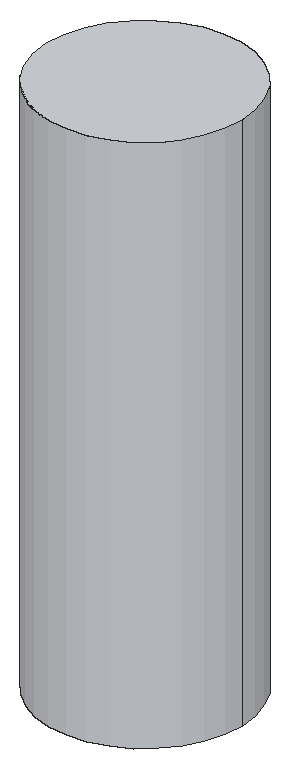
Revit family "HDR_General_PileChecker23", category Generic Models, Revit 2023
Family settings
  Can host rebar = No
  Round Connector Dimension = Use Diameter
  Part Type = Normal
  Work Plane-Based = No
  Always vertical = Yes
  Cut with Voids When Loaded = No
  Maintain Annotation Orientation = No
  Shared = No
  Room Calculation Point = No
Parameters (values of type "HDR_General_PileChecker")
  URL = "www.hdrinc.com"
  SuitabilityDescription [instance] = ""
  SuitabilityCode [instance] = ""
  Structural_Material_SubGrade [instance] = ""
  Structural_Material_StrengthGrade [instance] = ""
  Pile_Size [instance] = 600 mm
  Pile_Length [instance] = 5000 mm
  PileSizeCheck [instance] = Pile_Size * 1.5  # 900 mm
  Negative_Function [instance] = Pile_Length * -1  # -5000 mm
  NRM1_Description = ""
  NRM1_Code = ""
  LOI [instance] = 0
  LOD [instance] = 0
  HDR_Element_TypeRefDescription = ""
  HDR_Element_TypeRef = ""
  HDR_Element_InstanceRefDescription [instance] = ""
  HDR_Element_InstanceRef [instance] = ""
  EngineersComments [instance] = ""
  Default Elevation = 0 mm
  Classification.Uniclass.Ss.Number = ""
  Classification.Uniclass.Ss.Description = ""
  Classification.Uniclass.Pr.Number = ""
  Classification.Uniclass.Pr.Description = ""
  Classification.Uniclass.EF.Number = ""
  Classification.Uniclass.EF.Description = ""
Reference planes
  plane 1 "Center (Front/Back)": y = 0
  plane 2: z = 0
  plane 3 "Center (Left/Right)": x = 0
  plane 4: x = 0
  plane 5: y = 0
Forms (mm)
  Extrusion 1, solid
    sketch origin (0, 0, 0) x (1, 0, 0) y (0, 1, 0)
      loop
        circle (0, -3.5) r 900
    from 0 to -5000 <- "Negative_Function"
Dimensions and locks
  "PileSizeCheck": radius of Extrusion 1 sketch curve
  aligned and locked: level to plane 2
  aligned and locked: plane 3 "Center (Left/Right)" to nested 1
  aligned and locked: plane 1 "Center (Front/Back)" to nested 1
Automatic sketch dimensions
  Extrusion 1 sketch curve to plane 3 "Center (Left/Right)" = 0 mm
  plane 1 "Center (Front/Back)" to Extrusion 1 sketch curve = 3.5 mm
Nested families
  nested 1: "HDR_Annotation_SOP" at (0, 0, 0), type "Setting Out Point"
Definition of nested family "HDR_Annotation_SOP"
  Parameters (values of type "Setting Out Point")
    Top Right [instance] = yes
    Top Left [instance] = no
    Note [instance] = ""
    Bottom Right [instance] = no
    Bottom Left [instance] = no
  Reference planes
    plane 1: y = 0
    plane 2: x = 0
  Lines and regions (mm)
    Filled region 1, type "ACM_Hatch_General-Solid Black (O)"
      outline origin (0, 0, 0) x (1, 0, 0) y (0, 1, 0)
        loop
          line (0, 0) -> (-2.5, 0)
          arc (-2.5, 0) -> (-1.768, -1.768) -> (0, -2.5) r 2.5
          line (0, -2.5) -> (0, 0)
    Filled region 2, type "ACM_Hatch_General-Solid Black (O)"
      outline origin (0, 0, 0) x (-1, 0, 0) y (0, -1, 0)
        loop
          line (0, 0) -> (-2.5, 0)
          arc (-2.5, 0) -> (-1.768, -1.768) -> (0, -2.5) r 2.5
          line (0, -2.5) -> (0, 0)
    detail lines
      curve 1: arc (0, 2.5, 0) -> (1.768, 1.768, 0) -> (2.5, 0, 0) r 2.5
      curve 2: arc (0, -2.5, 0) -> (-1.768, -1.768, 0) -> (-2.5, 0, 0) r 2.5
      curve 3: line (0, 0, 0) -> (-3.5, 0, 0)
      curve 4: line (0, 0, 0) -> (0, -3.5, 0)
      curve 5: line (0, 0, 0) -> (0, 3.544, 0)
      curve 6: line (0, 0, 0) -> (3.5, 0, 0)
      curve 7: arc (0, 2.5, 0) -> (-1.768, 1.768, 0) -> (-2.5, 0, 0) r 2.5
      curve 8: arc (0, -2.5, 0) -> (1.768, -1.768, 0) -> (2.5, 0, 0) r 2.5
  Text (mm)
    label "'SOP'" at (2.872, 3.476, 0), shows "Note", visible <- "Top Right"
    label "'SOP'" at (21.972, -3.824, 0), shows "Note", visible <- "Bottom Right"
    label "'SOP'" at (-2.872, 3.476, 0), shows "Note", visible <- "Top Left"
    label "'SOP'" at (-21.972, -3.824, 0), shows "Note", visible <- "Bottom Left"
